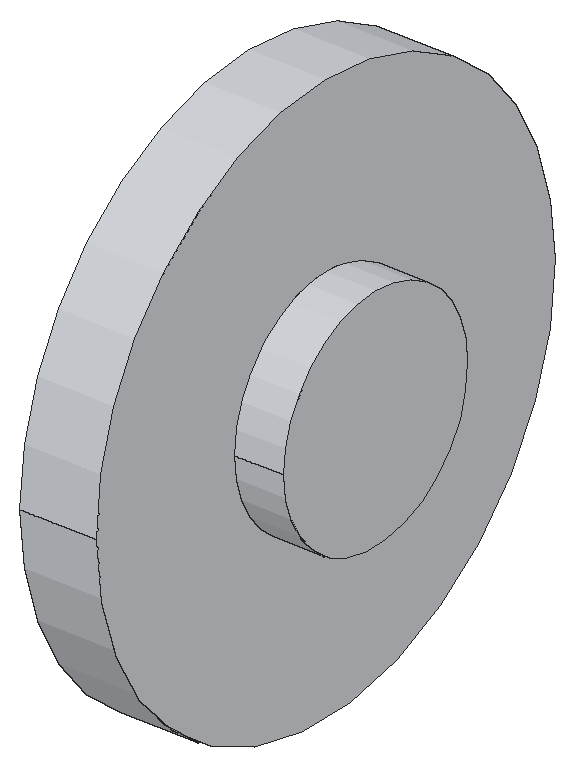
Revit family "M_Flange - Passagem - Aço - Classe 300", category Conexões de tubo, Revit 2019
Family settings
  Cota do conector redondo = Usar raio
  Tipo de parte = Flange
  Número OmniClass = 23.60.30.11.14
  Título OmniClass = Pipework Fittings
  ID de item do Seek = Flange - Slip-on - Steel - Class 300-0000-CAN-ENU
  Com base no plano de trabalho = Não
  Sempre na vertical = Sim
  Corte com vazios quando carregada = Não
  Compartilhado = Não
Parameters (values of type "Padrão")
  Tamanho da marca de revisão [instance] = Diâmetro externo da flange * 0.4  # 38 mm
  Espessura da face elevada [instance] = 1.587 mm  # constant formula
  Raio da face elevada [instance] = Diâmetro da face elevada / 2  # 17.45 mm
  Diâmetro da face elevada [instance] = size_lookup(Nome da tabela de pesquisa, "RFD", 1.11 * Diâmetro nominal + 34.727 mm, Diâmetro nominal)  # 34.9 mm
  Raio nominal [instance] = 7.5 mm
  Diâmetro nominal [instance] = Raio nominal * 2  # 15 mm
  Método de perda = Não definido
  Nome da tabela de pesquisa = "M_Flange - Slip-on - Steel - Class 300"
  Comprimento pelo hub [instance] = size_lookup(Nome da tabela de pesquisa, "LTH", 0.14 * Diâmetro nominal + 26.392 mm, Diâmetro nominal)  # 21 mm
  Raio do hub [instance] = Diâmetro do hub / 2  # 19 mm
  Diâmetro do hub [instance] = size_lookup(Nome da tabela de pesquisa, "HDia", 1.13 * Diâmetro nominal + 29.369 mm, Diâmetro nominal)  # 38 mm
  Espessura do flange [instance] = size_lookup(Nome da tabela de pesquisa, "FThk", 0.09 * Diâmetro nominal + 17.363 mm, Diâmetro nominal)  # 12.7 mm
  Raio externo da flange [instance] = Diâmetro externo da flange / 2  # 47.5 mm
  Diâmetro externo da flange [instance] = size_lookup(Nome da tabela de pesquisa, "FOD", 1.37 * Diâmetro nominal + 99.219 mm, Diâmetro nominal)  # 95 mm
Reference planes
  plane 1 "Centro (Frente/Trás)": y = 0
  plane 2: z = 0
  plane 3 "Centro (Esquerda/Direita)": x = 0
  plane 4: x = 1.588
  plane 5: x = 14.288
  plane 6: x = 22.588
  plane 7: y = 38
  plane 8: y = -38
Forms (mm)
  Sweep 1, solid, detail levels fine
    path in 3D
      loop
        line (0, 0, 0) -> (1.588, 0, 0)
    profile origin (0.794, 0, 0) x (0, 1, 0) y (0, 0, 1)
      loop
        circle (0, 0) r 17.45
  Sweep 2, solid, detail levels fine
    path in 3D
      loop
        line (1.588, 0, 0) -> (14.288, 0, 0)
    profile origin (7.938, 0, 0) x (0, 1, 0) y (0, 0, 1)
      loop
        circle (0, 0) r 47.5
  Sweep 3, solid, detail levels fine
    path in 3D
      loop
        line (14.288, 0, 0) -> (22.588, 0, 0)
    profile origin (18.438, 0, 0) x (0, 1, 0) y (0, 0, 1)
      loop
        circle (0, 0) r 19
Cuts and joins
  joined: Sweep 1, Sweep 2, Sweep 3
Lines and regions (mm)
  model lines, detail levels coarse+medium
    curve 1: line (0, 0, 0) -> (1.588, 0, 0)
    curve 2: line (1.588, 0, 0) -> (14.288, 0, 0)
    curve 3: line (14.288, 0, 0) -> (22.588, 0, 0)
    curve 7: line (14.288, 38, 0) -> (14.288, -38, 0)
  sketch lines
    curve 4: line (0, 0, 0) -> (1.588, 0, 0)
    curve 5: line (1.588, 0, 0) -> (14.288, 0, 0)
    curve 6: line (14.288, 0, 0) -> (22.588, 0, 0)
Dimensions and locks
  "Espessura da face elevada": plane 3 "Centro (Esquerda/Direita)" to plane 4
  "Espessura do flange": plane 4 to plane 5
  "Comprimento pelo hub": plane 4 to plane 6
  equal spacing: plane 7, plane 1 "Centro (Frente/Trás)", plane 8
  "Tamanho da marca de revisão": plane 7 to plane 1 "Centro (Frente/Trás)"
  "Raio da face elevada": radius of Sweep 1 sketch curve
  "Raio externo da flange": radius of Sweep 2 sketch curve
  "Raio do hub": radius of Sweep 3 sketch curve
  aligned and locked: plane 3 "Centro (Esquerda/Direita)" to curve 1
  aligned and locked: plane 4 to curve 1
  aligned and locked: plane 1 "Centro (Frente/Trás)" to curve 1
  aligned and locked: plane 1 "Centro (Frente/Trás)" to curve 2
  aligned and locked: plane 5 to curve 3
  aligned and locked: plane 6 to curve 3
  aligned and locked: plane 1 "Centro (Frente/Trás)" to curve 3
  aligned and locked: plane 7 to curve 7
  aligned and locked: plane 8 to curve 7
  aligned and locked: curve 7 to plane 5
Automatic sketch dimensions
  Sweep 1 sketch curve to profile plane = 0 mm  (x2)
  Sweep 2 sketch curve to profile plane = 0 mm  (x2)
  Sweep 3 sketch curve to profile plane = 0 mm  (x2)
Connectors
  piping at (0, 0, 0), diameter 15, driven by "Raio nominal"
    settings: on cut or joined group of Sweep 1, Sweep 2, Sweep 3, index 1, connector inside diameter 15 mm, connector length 0 mm, flow factor 0, pipe flow 0.0 L/s, pressure drop 0.0 Pa, fitting loss kfactor 0, connector angle 0.00°, fixture units 0, engagement length 0 mm, angle of deflection 0.00°, flow configuration 0, flow direction 0, fitting loss method 0, system type 28, joint type 0, gender type 0, connector reference index 2, connector utility 0, adjustable connector no, is connector primary yes, connector description ""
  piping at (22.588, 0, 0), diameter 15, driven by "Raio nominal"
    settings: on cut or joined group of Sweep 1, Sweep 2, Sweep 3, index 2, connector inside diameter 15 mm, connector length 0 mm, flow factor 0, pipe flow 0.0 L/s, pressure drop 0.0 Pa, fitting loss kfactor 0, connector angle 0.00°, fixture units 0, engagement length 0 mm, angle of deflection 0.00°, flow configuration 0, flow direction 0, fitting loss method 0, system type 28, joint type 0, gender type 0, connector reference index 1, connector utility 0, adjustable connector no, is connector primary no, connector description ""
